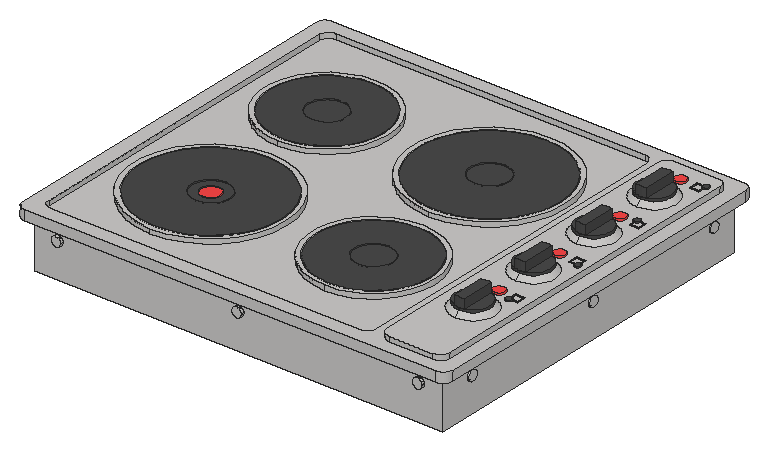
Revit family "QF_Summit_CSD4B24_Electric Cooktop", category Specialty Equipment, Revit 2020
Family settings
  Round Connector Dimension = Use Diameter
  Part Type = Normal
  Work Plane-Based = No
  Always vertical = Yes
  Cut with Voids When Loaded = No
  Shared = No
  Room Calculation Point = No
Parameters
  Weight in Pounds = 14
  Watts = Volts * FL Amps  # 5290 W
  Volts = 230 V
  URL Cutsheet = ""
  Specification by User = ""
  Specification by Manufacturer = ""
  Serial Number = ""
  Seismic Rating = ""
  SMACNA No = ""
  Revision Code = ""
  Phase = 1
  Number of Poles = 1
  NAFEM Spec ID Number = ""
  Model = "CSD4B24"
  Min Ckt Ampacity = 0 A
  Max Overcurrent Protection = 0 A
  Masterspec = ""
  Manufacturer = "Summit"
  Length = 22 3/4"
  Item Number = ""
  Installed By = ""
  Identify Quantity as Lot = yes
  Height = 4 1/4"
  HP = ""
  Furnished By = ""
  Foodservice Equipment Identifier = yes
  FL Amps = 23 A
  Electrical Remarks = ""
  Electric Connection Type = ""
  Elec Conn RI Height = 0"
  Elec Conn Connection Height = 0"
  Description = "Electric Cooktop"
  Depth = 20 3/8"
  Default Elevation = 0"
  Cycle = 60 Hz
  Conn Plug = ""
  Conn Conduit = yes
  CSI MasterFormat = ""
  Apparent Power = if(Phase = 3, Volts * FL Amps * 1.73, Volts * FL Amps)  # 5290 VA
Reference planes (in)
  plane 1 "BACK": y = 0
  plane 2: z = 0
  plane 3 "LEFT": x = 0
  plane 4 "RIGHT": x = 22.75
  plane 5 "FRONT": y = -20.375
  plane 6 "TOP": z = 4.25
  plane 7 "Center Y": x = 11.375
  plane 8 "Center X": y = -10.1875
  plane 9: z = 2.625
  plane 10: y = -0.4375
  plane 11: y = -19.9375
  plane 12: y = -0.5625
  plane 13: y = -19.8125
  plane 14: x = 0.5625
  plane 15: x = 22.1875
  plane 16: x = 0.4375
  plane 17: x = 22.3125
Forms (in)
  Extrusion 1, solid, material "QF_Metal_Stainless_Polished"
    sketch origin (-14.07532, -180, 2.875) x (0, -1, 0) y (1, 0, 0)
      loop
        circle (-173.9744, 27.68697) r 3.75
      loop
        circle (-173.9744, 19.08408) r 3
      loop
        circle (-165.65905, 19.5868) r 3.75
      loop
        circle (-165.65905, 28.20369) r 3
      loop
        circle (-165.65905, 19.5868) r 4
      loop
        circle (-165.65905, 28.20369) r 3.25
      loop
        circle (-173.9744, 27.68697) r 4
      loop
        circle (-173.9744, 19.08408) r 3.25
    from 0 to 0.25
  Extrusion 2, solid, material "QF_Plastic_Red_Smooth"
    sketch origin (-3.07532, -180, 3.375) x (0, -1, 0) y (1, 0, 0)
      loop
        circle (-178.19253, 23.42732) r 0.30105
      loop
        circle (-174.19253, 23.42732) r 0.30105
      loop
        circle (-170.19253, 23.42732) r 0.30105
      loop
        circle (-166.19253, 23.42732) r 0.30105
    from 0 to 0.0625
  Extrusion 3, solid, material "QF_Plastic_Black_Smooth"
    sketch origin (-3.07532, -180, 3.375) x (0, -1, 0) y (1, 0, 0)
      loop
        line (-177.91283, 24.14504) -> (-177.91283, 24.63236) -> (-178.23096, 24.63236)
        arc (-178.23096, 24.63236) -> (-178.51809, 24.72807) -> (-178.39569, 24.45127) r 0.16547
        line (-178.39569, 24.45127) -> (-178.39569, 24.14504) -> (-177.91283, 24.14504)
      loop
        line (-178.36444, 24.17629) -> (-177.94408, 24.17629) -> (-177.94408, 24.60111) -> (-178.23096, 24.60111)
        arc (-178.23096, 24.60111) -> (-178.27324, 24.50544) -> (-178.36444, 24.45424) r 0.16547
        line (-178.36444, 24.45424) -> (-178.36444, 24.17629)
      loop
        line (-173.91283, 24.63236) -> (-174.39569, 24.63236) -> (-174.39569, 24.32613)
        arc (-174.39569, 24.32613) -> (-174.51809, 24.04932) -> (-174.23096, 24.14504) r 0.16547
        line (-174.23096, 24.14504) -> (-173.91283, 24.14504) -> (-173.91283, 24.63236)
      loop
        line (-174.36444, 24.60111) -> (-174.36444, 24.32315)
        arc (-174.36444, 24.32315) -> (-174.27324, 24.27195) -> (-174.23096, 24.17629) r 0.16547
        line (-174.23096, 24.17629) -> (-173.94408, 24.17629) -> (-173.94408, 24.60111) -> (-174.36444, 24.60111)
      loop
        line (-170.39569, 24.14504) -> (-169.91283, 24.14504) -> (-169.91283, 24.45127)
        arc (-169.91283, 24.45127) -> (-169.79043, 24.72807) -> (-170.07756, 24.63236) r 0.16547
        line (-170.07756, 24.63236) -> (-170.39569, 24.63236) -> (-170.39569, 24.14504)
      loop
        line (-169.94408, 24.17629) -> (-169.94408, 24.45424)
        arc (-169.94408, 24.45424) -> (-170.03528, 24.50544) -> (-170.07756, 24.60111) r 0.16547
        line (-170.07756, 24.60111) -> (-170.36444, 24.60111) -> (-170.36444, 24.17629) -> (-169.94408, 24.17629)
      loop
        line (-166.39569, 24.63236) -> (-166.39569, 24.14504) -> (-166.07756, 24.14504)
        arc (-166.07756, 24.14504) -> (-165.79043, 24.04932) -> (-165.91283, 24.32613) r 0.16547
        line (-165.91283, 24.32613) -> (-165.91283, 24.63236) -> (-166.39569, 24.63236)
      loop
        line (-165.94408, 24.60111) -> (-166.36444, 24.60111) -> (-166.36444, 24.17629) -> (-166.07756, 24.17629)
        arc (-166.07756, 24.17629) -> (-166.03528, 24.27195) -> (-165.94408, 24.32315) r 0.16547
        line (-165.94408, 24.32315) -> (-165.94408, 24.60111)
    from 0 to 0.01563
  Extrusion 4, solid, material "QF_Metal_Stainless_Polished"
    sketch origin (-38.39759, -180, 2.625) x (-1, 0, 0) y (0, -1, 0)
      loop
        line (-38.96009, -179.4375) -> (-38.96009, -160.1875) -> (-60.58509, -160.1875) -> (-60.58509, -179.4375) -> (-38.96009, -179.4375)
    from 0 to -2.625
  Extrusion 5, solid, material "QF_Plastic_Black_Smooth"
    sketch origin (-14.07532, -180, 2.875) x (0, -1, 0) y (1, 0, 0)
      loop
        circle (-173.9744, 19.08408) r 3
      loop
        circle (-173.9744, 27.68697) r 3.75
      loop
        circle (-165.65905, 28.20369) r 3
      loop
        circle (-165.65905, 19.5868) r 3.75
      loop
        circle (-165.65905, 19.5868) r 1
      loop
        circle (-165.65905, 28.20369) r 1
      loop
        circle (-173.9744, 27.68697) r 1
      loop
        circle (-173.9744, 19.08408) r 1
    from 0 to 0.25
  Extrusion 6, solid, material "QF_Plastic_Black_Smooth"
    sketch origin (-14.07532, -180, 2.875) x (0, -1, 0) y (1, 0, 0)
      loop
        circle (-165.65905, 19.5868) r 1
      loop
        circle (-165.65905, 28.20369) r 1
      loop
        circle (-173.9744, 27.68697) r 1
      loop
        circle (-173.9744, 19.08408) r 1
      loop
        circle (-165.65905, 19.5868) r 0.5
    from 0 to 0.22698
  Extrusion 7, solid, material "QF_Metal_Stainless_Polished"
    sketch origin (0.5625, -0.75, 2.625) x (0, 1, 0) y (0, 0, -1)
      loop
        circle (-9.25, 0.72572) r 0.25
    from 0 to 0.125
  Extrusion 8, solid, material "QF_Metal_Stainless_Polished"
    sketch origin (0.5625, -0.75, 2.625) x (0, 1, 0) y (0, 0, -1)
      loop
        circle (-1.25, 0.72572) r 0.25
    from 0 to 0.125
  Extrusion 9, solid, material "QF_Metal_Stainless_Polished"
    sketch origin (0.5625, -0.75, 2.625) x (0, 1, 0) y (0, 0, -1)
      loop
        circle (-17.25, 0.72572) r 0.25
    from 0 to 0.125
  Extrusion 10, solid, material "QF_Metal_Stainless_Polished"
    sketch origin (22.1875, -0.5625, 2.625) x (0, -1, 0) y (0, 0, -1)
      loop
        circle (9.4375, 0.72572) r 0.25
    from 0 to 0.125
  Extrusion 11, solid, material "QF_Metal_Stainless_Polished"
    sketch origin (22.1875, -0.5625, 2.625) x (0, -1, 0) y (0, 0, -1)
      loop
        circle (1.4375, 0.72572) r 0.25
    from 0 to 0.125
  Extrusion 12, solid, material "QF_Metal_Stainless_Polished"
    sketch origin (22.1875, -0.5625, 2.625) x (0, -1, 0) y (0, 0, -1)
      loop
        circle (17.4375, 0.72572) r 0.25
    from 0 to 0.125
  Extrusion 13, solid, material "QF_Metal_Stainless_Polished"
    sketch origin (41.14135, -0.5625, 48) x (1, 0, 0) y (0, 0, 1)
      loop
        circle (-39.32885, -46.10072) r 0.25
      loop
        circle (-20.20385, -46.10072) r 0.25
      loop
        circle (-29.76635, -46.10072) r 0.25
    from 0 to -0.125
  Extrusion 14, solid, material "QF_Plastic_Red_Smooth"
    sketch origin (-14.07532, -180, 2.875) x (0, -1, 0) y (1, 0, 0)
      loop
        circle (-165.65905, 19.5868) r 0.5
    from 0 to 0.22698
  Extrusion 15, solid, material "QF_Metal_Stainless_Polished"
    sketch origin (-3.07532, -180, 2.625) x (-1, 0, 0) y (0, -1, 0)
      loop
        arc (-3.57532, -180) -> (-3.22176, -179.85355) -> (-3.07532, -179.5) r 0.5
        line (-3.07532, -179.5) -> (-3.07532, -160.125)
        arc (-3.07532, -160.125) -> (-3.22176, -159.77145) -> (-3.57532, -159.625) r 0.5
        line (-3.57532, -159.625) -> (-25.32532, -159.625)
        arc (-25.32532, -159.625) -> (-25.67887, -159.77145) -> (-25.82532, -160.125) r 0.5
        line (-25.82532, -160.125) -> (-25.82532, -179.5)
        arc (-25.82532, -179.5) -> (-25.67887, -179.85355) -> (-25.32532, -180) r 0.5
        line (-25.32532, -180) -> (-3.57532, -180)
      loop
        arc (-3.82532, -160.875) -> (-3.97176, -160.52145) -> (-4.32532, -160.375) r 0.5
        line (-4.32532, -160.375) -> (-20.68176, -160.375)
        arc (-20.68176, -160.375) -> (-21.03532, -160.52145) -> (-21.18176, -160.875) r 0.5
        line (-21.18176, -160.875) -> (-21.18176, -178.75)
        arc (-21.18176, -178.75) -> (-21.03532, -179.10355) -> (-20.68176, -179.25) r 0.5
        line (-20.68176, -179.25) -> (-4.32532, -179.25)
        arc (-4.32532, -179.25) -> (-3.97176, -179.10355) -> (-3.82532, -178.75) r 0.5
        line (-3.82532, -178.75) -> (-3.82532, -160.875)
      loop
        arc (-24.57532, -160.375) -> (-24.92887, -160.52145) -> (-25.07532, -160.875) r 0.5
        line (-25.07532, -160.875) -> (-25.07532, -178.75)
        arc (-25.07532, -178.75) -> (-24.92887, -179.10355) -> (-24.57532, -179.25) r 0.5
        line (-24.57532, -179.25) -> (-22.27844, -179.25)
        arc (-22.27844, -179.25) -> (-21.92489, -179.10355) -> (-21.77844, -178.75) r 0.5
        line (-21.77844, -178.75) -> (-21.77844, -160.875)
        arc (-21.77844, -160.875) -> (-21.92489, -160.52145) -> (-22.27844, -160.375) r 0.5
        line (-22.27844, -160.375) -> (-24.57532, -160.375)
    from 0 to 0.5
  Extrusion 16, solid, material "QF_Metal_Stainless_Polished"
    sketch origin (-3.07532, -180, 2.625) x (0, -1, 0) y (-1, 0, 0)
      loop
        line (-160.875, -21.77844) -> (-178.75, -21.77844)
        arc (-178.75, -21.77844) -> (-179.10355, -21.92489) -> (-179.25, -22.27844) r 0.5
        line (-179.25, -22.27844) -> (-179.25, -24.57532)
        arc (-179.25, -24.57532) -> (-179.10355, -24.92887) -> (-178.75, -25.07532) r 0.5
        line (-178.75, -25.07532) -> (-160.875, -25.07532)
        arc (-160.875, -25.07532) -> (-160.52145, -24.92887) -> (-160.375, -24.57532) r 0.5
        line (-160.375, -24.57532) -> (-160.375, -22.27844)
        arc (-160.375, -22.27844) -> (-160.52145, -21.92489) -> (-160.875, -21.77844) r 0.5
    from 0 to -0.75
  Extrusion 17, solid, material "QF_Plastic_Black_Smooth"
    sketch origin (-3.11438, -177.48446, 3.625) x (0, -1, 0) y (1, 0, 0)
      loop
        circle (-161.9508, 23.45743) r 0.90881
    from 0 to 0.125
  Extrusion 18, solid, material "QF_Plastic_Black_Smooth"
    sketch origin (-3.11438, -177.48446, 3.75) x (0, -1, 0) y (1, 0, 0)
      loop
        arc (-162.81756, 23.7307) -> (-162.85962, 23.45743) -> (-162.81756, 23.18416) r 0.90881
        line (-162.81756, 23.18416) -> (-161.08405, 23.18416)
        arc (-161.08405, 23.18416) -> (-161.04199, 23.45743) -> (-161.08405, 23.7307) r 0.90881
        line (-161.08405, 23.7307) -> (-162.81756, 23.7307)
    from 0 to 0.5
  Blend 19, solid, material "QF_Metal_Stainless_Polished"
    base sketch origin (-3.11438, -177.48446, 3.375) x (0, -1, 0) y (1, 0, 0)
      loop
        circle (-161.9508, 23.45743) r 1.14914
    top sketch origin (-3.11438, -177.48446, 3.375) x (0, -1, 0) y (1, 0, 0)
      loop
        circle (-161.9508, 23.45743) r 0.90881
    from 0 to 0.25
  Extrusion 20, solid, material "QF_Metal_Stainless_Polished"
    sketch origin (-14.07532, -180, 2.625) x (0, -1, 0) y (-1, 0, 0)
      loop
        arc (-178.75, -14.82532) -> (-179.10355, -14.97176) -> (-179.25, -15.32532) r 0.5
        line (-179.25, -15.32532) -> (-179.25, -31.68176)
        arc (-179.25, -31.68176) -> (-179.10355, -32.03532) -> (-178.75, -32.18176) r 0.5
        line (-178.75, -32.18176) -> (-160.875, -32.18176)
        arc (-160.875, -32.18176) -> (-160.52145, -32.03532) -> (-160.375, -31.68176) r 0.5
        line (-160.375, -31.68176) -> (-160.375, -15.32532)
        arc (-160.375, -15.32532) -> (-160.52145, -14.97176) -> (-160.875, -14.82532) r 0.5
        line (-160.875, -14.82532) -> (-178.75, -14.82532)
    from 0 to -0.25
  Extrusion 21, solid, material "QF_Plastic_Black_Smooth"
    sketch origin (-3.11438, -173.48446, 3.625) x (0, -1, 0) y (1, 0, 0)
      loop
        circle (-161.9508, 23.45743) r 0.90881
    from 0 to 0.125
  Extrusion 22, solid, material "QF_Plastic_Black_Smooth"
    sketch origin (-3.11438, -173.48446, 3.75) x (0, -1, 0) y (1, 0, 0)
      loop
        arc (-162.81756, 23.7307) -> (-162.85962, 23.45743) -> (-162.81756, 23.18416) r 0.90881
        line (-162.81756, 23.18416) -> (-161.08405, 23.18416)
        arc (-161.08405, 23.18416) -> (-161.04199, 23.45743) -> (-161.08405, 23.7307) r 0.90881
        line (-161.08405, 23.7307) -> (-162.81756, 23.7307)
    from 0 to 0.5
  Blend 23, solid, material "QF_Metal_Stainless_Polished"
    base sketch origin (-3.11438, -173.48446, 3.375) x (0, -1, 0) y (1, 0, 0)
      loop
        circle (-161.9508, 23.45743) r 1.14914
    top sketch origin (-3.11438, -173.48446, 3.375) x (0, -1, 0) y (1, 0, 0)
      loop
        circle (-161.9508, 23.45743) r 0.90881
    from 0 to 0.25
  Extrusion 24, solid, material "QF_Plastic_Black_Smooth"
    sketch origin (-3.11438, -169.48446, 3.625) x (0, -1, 0) y (1, 0, 0)
      loop
        circle (-161.9508, 23.45743) r 0.90881
    from 0 to 0.125
  Extrusion 25, solid, material "QF_Plastic_Black_Smooth"
    sketch origin (-3.11438, -169.48446, 3.75) x (0, -1, 0) y (1, 0, 0)
      loop
        arc (-162.81756, 23.7307) -> (-162.85962, 23.45743) -> (-162.81756, 23.18416) r 0.90881
        line (-162.81756, 23.18416) -> (-161.08405, 23.18416)
        arc (-161.08405, 23.18416) -> (-161.04199, 23.45743) -> (-161.08405, 23.7307) r 0.90881
        line (-161.08405, 23.7307) -> (-162.81756, 23.7307)
    from 0 to 0.5
  Blend 26, solid, material "QF_Metal_Stainless_Polished"
    base sketch origin (-3.11438, -169.48446, 3.375) x (0, -1, 0) y (1, 0, 0)
      loop
        circle (-161.9508, 23.45743) r 1.14914
    top sketch origin (-3.11438, -169.48446, 3.375) x (0, -1, 0) y (1, 0, 0)
      loop
        circle (-161.9508, 23.45743) r 0.90881
    from 0 to 0.25
  Extrusion 27, solid, material "QF_Plastic_Black_Smooth"
    sketch origin (-3.11438, -165.48446, 3.625) x (0, -1, 0) y (1, 0, 0)
      loop
        circle (-161.9508, 23.45743) r 0.90881
    from 0 to 0.125
  Extrusion 28, solid, material "QF_Plastic_Black_Smooth"
    sketch origin (-3.11438, -165.48446, 3.75) x (0, -1, 0) y (1, 0, 0)
      loop
        arc (-162.81756, 23.7307) -> (-162.85962, 23.45743) -> (-162.81756, 23.18416) r 0.90881
        line (-162.81756, 23.18416) -> (-161.08405, 23.18416)
        arc (-161.08405, 23.18416) -> (-161.04199, 23.45743) -> (-161.08405, 23.7307) r 0.90881
        line (-161.08405, 23.7307) -> (-162.81756, 23.7307)
    from 0 to 0.5
  Blend 29, solid, material "QF_Metal_Stainless_Polished"
    base sketch origin (-3.11438, -165.48446, 3.375) x (0, -1, 0) y (1, 0, 0)
      loop
        circle (-161.9508, 23.45743) r 1.14914
    top sketch origin (-3.11438, -165.48446, 3.375) x (0, -1, 0) y (1, 0, 0)
      loop
        circle (-161.9508, 23.45743) r 0.90881
    from 0 to 0.25
  Extrusion 30, solid, material "QF_Metal_Stainless_Polished"
    sketch origin (-38.39759, -180, 0) x (0, -1, 0) y (-1, 0, 0)
      loop
        circle (-177.99947, -39.91098) r 0.25
    from 0 to 0.125
  Extrusion 31, solid, material "QF_Metal_Stainless_Polished"
    sketch origin (41.14135, -19.8125, 48) x (1, 0, 0) y (0, 0, -1)
      loop
        circle (-39.32885, 46.10072) r 0.25
      loop
        circle (-20.20385, 46.10072) r 0.25
      loop
        circle (-29.76635, 46.10072) r 0.25
    from 0 to -0.125
Lines and regions (in)
  symbolic lines
    curve 1: arc (0.5, 0, 4.375) -> (0.14645, -0.14645, 4.375) -> (0, -0.5, 4.375) r 0.5
    curve 2: line (0, -0.5, 4.375) -> (0, -19.875, 4.375)
    curve 3: arc (0, -19.875, 4.375) -> (0.14645, -20.22855, 4.375) -> (0.5, -20.375, 4.375) r 0.5
    curve 4: line (0.5, -20.375, 4.375) -> (22.25, -20.375, 4.375)
    curve 5: arc (22.25, -20.375, 4.375) -> (22.60355, -20.22855, 4.375) -> (22.75, -19.875, 4.375) r 0.5
    curve 6: line (22.75, -19.875, 4.375) -> (22.75, -0.5, 4.375)
    curve 7: arc (22.75, -0.5, 4.375) -> (22.60355, -0.14645, 4.375) -> (22.25, 0, 4.375) r 0.5
    curve 8: line (22.25, 0, 4.375) -> (0.5, 0, 4.375)
    curve 9: arc (0.75, -1.25, 4.375) -> (0.89645, -0.89645, 4.375) -> (1.25, -0.75, 4.375) r 0.5
    curve 10: line (1.25, -0.75, 4.375) -> (17.60645, -0.75, 4.375)
    curve 11: arc (17.60645, -0.75, 4.375) -> (17.96, -0.89645, 4.375) -> (18.10645, -1.25, 4.375) r 0.5
    curve 12: line (18.10645, -1.25, 4.375) -> (18.10645, -19.125, 4.375)
    curve 13: arc (18.10645, -19.125, 4.375) -> (17.96, -19.47855, 4.375) -> (17.60645, -19.625, 4.375) r 0.5
    curve 14: line (17.60645, -19.625, 4.375) -> (1.25, -19.625, 4.375)
    curve 15: arc (1.25, -19.625, 4.375) -> (0.89645, -19.47855, 4.375) -> (0.75, -19.125, 4.375) r 0.5
    curve 16: line (0.75, -19.125, 4.375) -> (0.75, -1.25, 4.375)
    curve 17: arc (19.20312, -0.75, 4.375) -> (18.84957, -0.89645, 4.375) -> (18.70312, -1.25, 4.375) r 0.5
    curve 18: line (18.70312, -1.25, 4.375) -> (18.70312, -19.125, 4.375)
    curve 19: arc (18.70312, -19.125, 4.375) -> (18.84957, -19.47855, 4.375) -> (19.20312, -19.625, 4.375) r 0.5
    curve 20: line (19.20312, -19.625, 4.375) -> (21.5, -19.625, 4.375)
    curve 21: arc (21.5, -19.625, 4.375) -> (21.85355, -19.47855, 4.375) -> (22, -19.125, 4.375) r 0.5
    curve 22: line (22, -19.125, 4.375) -> (22, -1.25, 4.375)
    curve 23: arc (22, -1.25, 4.375) -> (21.85355, -0.89645, 4.375) -> (21.5, -0.75, 4.375) r 0.5
    curve 24: line (21.5, -0.75, 4.375) -> (19.20312, -0.75, 4.375)
    curve 25: arc (13.61165, -2.0256, 4.375) -> (9.61165, -6.0256, 4.375) -> (13.61165, -10.0256, 4.375) r 4
    curve 26: arc (13.61165, -10.0256, 4.375) -> (17.61165, -6.0256, 4.375) -> (13.61165, -2.0256, 4.375) r 4
    curve 27: arc (13.61165, -2.2756, 4.375) -> (17.36165, -6.0256, 4.375) -> (13.61165, -9.7756, 4.375) r 3.75
    curve 28: arc (13.61165, -9.7756, 4.375) -> (9.86165, -6.0256, 4.375) -> (13.61165, -2.2756, 4.375) r 3.75
    curve 29: arc (13.61165, -7.0256, 4.375) -> (14.61165, -6.0256, 4.375) -> (13.61165, -5.0256, 4.375) r 1
    curve 30: arc (13.61165, -5.0256, 4.375) -> (12.61165, -6.0256, 4.375) -> (13.61165, -7.0256, 4.375) r 1
    curve 31: arc (5.00876, -9.0256, 4.375) -> (8.00876, -6.0256, 4.375) -> (5.00876, -3.0256, 4.375) r 3
    curve 32: arc (5.00876, -3.0256, 4.375) -> (2.00876, -6.0256, 4.375) -> (5.00876, -9.0256, 4.375) r 3
    curve 33: arc (5.00876, -9.2756, 4.375) -> (8.25876, -6.0256, 4.375) -> (5.00876, -2.7756, 4.375) r 3.25
    curve 34: arc (5.00876, -2.7756, 4.375) -> (1.75876, -6.0256, 4.375) -> (5.00876, -9.2756, 4.375) r 3.25
    curve 35: arc (5.00876, -7.0256, 4.375) -> (6.00876, -6.0256, 4.375) -> (5.00876, -5.0256, 4.375) r 1
    curve 36: arc (5.00876, -5.0256, 4.375) -> (4.00876, -6.0256, 4.375) -> (5.00876, -7.0256, 4.375) r 1
    curve 37: arc (5.51148, -18.09095, 4.375) -> (9.26148, -14.34095, 4.375) -> (5.51148, -10.59095, 4.375) r 3.75
    curve 38: arc (5.51148, -10.59095, 4.375) -> (1.76148, -14.34095, 4.375) -> (5.51148, -18.09095, 4.375) r 3.75
    curve 39: arc (5.51148, -18.34095, 4.375) -> (9.51148, -14.34095, 4.375) -> (5.51148, -10.34095, 4.375) r 4
    curve 40: arc (5.51148, -10.34095, 4.375) -> (1.51148, -14.34095, 4.375) -> (5.51148, -18.34095, 4.375) r 4
    curve 41: arc (5.51148, -15.34095, 4.375) -> (6.51148, -14.34095, 4.375) -> (5.51148, -13.34095, 4.375) r 1
    curve 42: arc (5.51148, -13.34095, 4.375) -> (4.51148, -14.34095, 4.375) -> (5.51148, -15.34095, 4.375) r 1
    curve 43: arc (5.51148, -14.84095, 4.375) -> (6.01148, -14.34095, 4.375) -> (5.51148, -13.84095, 4.375) r 0.5
    curve 44: arc (5.51148, -13.84095, 4.375) -> (5.01148, -14.34095, 4.375) -> (5.51148, -14.84095, 4.375) r 0.5
    curve 45: arc (14.12837, -13.34095, 4.375) -> (13.12837, -14.34095, 4.375) -> (14.12837, -15.34095, 4.375) r 1
    curve 46: arc (14.12837, -15.34095, 4.375) -> (15.12837, -14.34095, 4.375) -> (14.12837, -13.34095, 4.375) r 1
    curve 47: arc (14.12837, -11.34095, 4.375) -> (11.12837, -14.34095, 4.375) -> (14.12837, -17.34095, 4.375) r 3
    curve 48: arc (14.12837, -17.34095, 4.375) -> (17.12837, -14.34095, 4.375) -> (14.12837, -11.34095, 4.375) r 3
    curve 49: arc (14.12837, -11.09095, 4.375) -> (10.87837, -14.34095, 4.375) -> (14.12837, -17.59095, 4.375) r 3.25
    curve 50: arc (14.12837, -17.59095, 4.375) -> (17.37837, -14.34095, 4.375) -> (14.12837, -11.09095, 4.375) r 3.25
    curve 51: arc (20.34305, -16.68279, 4.375) -> (19.19391, -15.53365, 4.375) -> (20.34305, -14.38452, 4.375) r 1.14914
    curve 52: arc (20.34305, -14.38452, 4.375) -> (21.49219, -15.53365, 4.375) -> (20.34305, -16.68279, 4.375) r 1.14914
    curve 53: arc (20.34305, -16.44246, 4.375) -> (21.25186, -15.53365, 4.375) -> (20.34305, -14.62484, 4.375) r 0.90881
    curve 54: arc (20.34305, -14.62484, 4.375) -> (19.43424, -15.53365, 4.375) -> (20.34305, -16.44246, 4.375) r 0.90881
    curve 55: line (20.06978, -14.6669, 4.375) -> (20.06978, -16.40041, 4.375)
    curve 56: line (20.61632, -16.40041, 4.375) -> (20.61632, -14.6669, 4.375)
    curve 57: arc (20.352, -14.10852, 4.375) -> (20.65305, -13.80747, 4.375) -> (20.352, -13.50642, 4.375) r 0.30105
    curve 58: arc (20.352, -13.50642, 4.375) -> (20.05095, -13.80747, 4.375) -> (20.352, -14.10852, 4.375) r 0.30105
    curve 59: line (21.25081, -14.08717, 4.375) -> (21.55704, -14.08717, 4.375)
    curve 60: line (21.55704, -14.08717, 4.375) -> (21.55704, -13.60431, 4.375)
    curve 61: line (21.55704, -13.60431, 4.375) -> (21.06972, -13.60431, 4.375)
    curve 62: line (21.06972, -13.60431, 4.375) -> (21.06972, -13.92244, 4.375)
    curve 63: arc (21.06972, -13.92244, 4.375) -> (20.974, -14.20957, 4.375) -> (21.25081, -14.08717, 4.375) r 0.16547
    curve 64: line (21.52579, -14.05592, 4.375) -> (21.24783, -14.05592, 4.375)
    curve 65: arc (21.24783, -14.05592, 4.375) -> (21.19663, -13.96472, 4.375) -> (21.10097, -13.92244, 4.375) r 0.16547
    curve 66: line (21.10097, -13.92244, 4.375) -> (21.10097, -13.63556, 4.375)
    curve 67: line (21.10097, -13.63556, 4.375) -> (21.52579, -13.63556, 4.375)
    curve 68: line (21.52579, -13.63556, 4.375) -> (21.52579, -14.05592, 4.375)
    curve 69: arc (20.34305, -10.38452, 4.375) -> (21.49219, -11.53365, 4.375) -> (20.34305, -12.68279, 4.375) r 1.14914
    curve 70: arc (20.34305, -12.44246, 4.375) -> (21.25186, -11.53365, 4.375) -> (20.34305, -10.62484, 4.375) r 0.90881
    curve 71: line (20.61632, -12.40041, 4.375) -> (20.61632, -10.6669, 4.375)
    curve 72: line (20.06978, -10.6669, 4.375) -> (20.06978, -12.40041, 4.375)
    curve 73: arc (20.34305, -10.62484, 4.375) -> (19.43424, -11.53365, 4.375) -> (20.34305, -12.44246, 4.375) r 0.90881
    curve 74: arc (20.34305, -12.68279, 4.375) -> (19.19391, -11.53365, 4.375) -> (20.34305, -10.38452, 4.375) r 1.14914
    curve 75: arc (20.352, -10.10852, 4.375) -> (20.65305, -9.80747, 4.375) -> (20.352, -9.50642, 4.375) r 0.30105
    curve 76: arc (20.352, -9.50642, 4.375) -> (20.05095, -9.80747, 4.375) -> (20.352, -10.10852, 4.375) r 0.30105
    curve 77: arc (21.37595, -10.08717, 4.375) -> (21.65276, -10.20957, 4.375) -> (21.55704, -9.92244, 4.375) r 0.16547
    curve 78: line (21.55704, -9.92244, 4.375) -> (21.55704, -9.60431, 4.375)
    curve 79: line (21.55704, -9.60431, 4.375) -> (21.06972, -9.60431, 4.375)
    curve 80: line (21.06972, -9.60431, 4.375) -> (21.06972, -10.08717, 4.375)
    curve 81: line (21.06972, -10.08717, 4.375) -> (21.37595, -10.08717, 4.375)
    curve 82: line (21.10097, -10.05592, 4.375) -> (21.10097, -9.63556, 4.375)
    curve 83: line (21.10097, -9.63556, 4.375) -> (21.52579, -9.63556, 4.375)
    curve 84: line (21.52579, -9.63556, 4.375) -> (21.52579, -9.92244, 4.375)
    curve 85: arc (21.52579, -9.92244, 4.375) -> (21.43013, -9.96472, 4.375) -> (21.37893, -10.05592, 4.375) r 0.16547
    curve 86: line (21.37893, -10.05592, 4.375) -> (21.10097, -10.05592, 4.375)
    curve 87: arc (20.34305, -6.38452, 4.375) -> (21.49219, -7.53365, 4.375) -> (20.34305, -8.68279, 4.375) r 1.14914
    curve 88: arc (20.34305, -8.44246, 4.375) -> (21.25186, -7.53365, 4.375) -> (20.34305, -6.62484, 4.375) r 0.90881
    curve 89: arc (20.34305, -8.68279, 4.375) -> (19.19391, -7.53365, 4.375) -> (20.34305, -6.38452, 4.375) r 1.14914
    curve 90: arc (20.34305, -6.62484, 4.375) -> (19.43424, -7.53365, 4.375) -> (20.34305, -8.44246, 4.375) r 0.90881
    curve 91: line (20.06978, -6.6669, 4.375) -> (20.06978, -8.40041, 4.375)
    curve 92: line (20.61632, -8.40041, 4.375) -> (20.61632, -6.6669, 4.375)
    curve 93: arc (20.352, -6.10852, 4.375) -> (20.65305, -5.80747, 4.375) -> (20.352, -5.50642, 4.375) r 0.30105
    curve 94: arc (20.352, -5.50642, 4.375) -> (20.05095, -5.80747, 4.375) -> (20.352, -6.10852, 4.375) r 0.30105
    curve 95: line (21.06972, -6.08717, 4.375) -> (21.55704, -6.08717, 4.375)
    curve 96: line (21.55704, -6.08717, 4.375) -> (21.55704, -5.60431, 4.375)
    curve 97: line (21.55704, -5.60431, 4.375) -> (21.25081, -5.60431, 4.375)
    curve 98: arc (21.25081, -5.60431, 4.375) -> (20.974, -5.48191, 4.375) -> (21.06972, -5.76904, 4.375) r 0.16547
    curve 99: line (21.06972, -5.76904, 4.375) -> (21.06972, -6.08717, 4.375)
    curve 100: arc (21.10097, -5.76904, 4.375) -> (21.19663, -5.72676, 4.375) -> (21.24783, -5.63556, 4.375) r 0.16547
    curve 101: line (21.24783, -5.63556, 4.375) -> (21.52579, -5.63556, 4.375)
    curve 102: line (21.52579, -5.63556, 4.375) -> (21.52579, -6.05592, 4.375)
    curve 103: line (21.52579, -6.05592, 4.375) -> (21.10097, -6.05592, 4.375)
    curve 104: line (21.10097, -6.05592, 4.375) -> (21.10097, -5.76904, 4.375)
    curve 105: arc (20.34305, -2.38452, 4.375) -> (21.49219, -3.53365, 4.375) -> (20.34305, -4.68279, 4.375) r 1.14914
    curve 106: arc (20.34305, -4.68279, 4.375) -> (19.19391, -3.53365, 4.375) -> (20.34305, -2.38452, 4.375) r 1.14914
    curve 107: arc (20.352, -1.50642, 4.375) -> (20.05095, -1.80747, 4.375) -> (20.352, -2.10852, 4.375) r 0.30105
    curve 108: arc (20.352, -2.10852, 4.375) -> (20.65305, -1.80747, 4.375) -> (20.352, -1.50642, 4.375) r 0.30105
    curve 109: arc (20.34305, -2.62484, 4.375) -> (19.43424, -3.53365, 4.375) -> (20.34305, -4.44246, 4.375) r 0.90881
    curve 110: line (20.06978, -2.6669, 4.375) -> (20.06978, -4.40041, 4.375)
    curve 111: line (20.61632, -4.40041, 4.375) -> (20.61632, -2.6669, 4.375)
    curve 112: arc (20.34305, -4.44246, 4.375) -> (21.25186, -3.53365, 4.375) -> (20.34305, -2.62484, 4.375) r 0.90881
    curve 113: line (21.06972, -2.08717, 4.375) -> (21.55704, -2.08717, 4.375)
    curve 114: line (21.55704, -2.08717, 4.375) -> (21.55704, -1.76904, 4.375)
    curve 115: arc (21.55704, -1.76904, 4.375) -> (21.65276, -1.48191, 4.375) -> (21.37595, -1.60431, 4.375) r 0.16547
    curve 116: line (21.37595, -1.60431, 4.375) -> (21.06972, -1.60431, 4.375)
    curve 117: line (21.06972, -1.60431, 4.375) -> (21.06972, -2.08717, 4.375)
    curve 118: line (21.52579, -2.05592, 4.375) -> (21.10097, -2.05592, 4.375)
    curve 119: line (21.10097, -2.05592, 4.375) -> (21.10097, -1.63556, 4.375)
    curve 120: line (21.10097, -1.63556, 4.375) -> (21.37893, -1.63556, 4.375)
    curve 121: arc (21.37893, -1.63556, 4.375) -> (21.43013, -1.72676, 4.375) -> (21.52579, -1.76904, 4.375) r 0.16547
    curve 122: line (21.52579, -1.76904, 4.375) -> (21.52579, -2.05592, 4.375)
Dimensions and locks (in)
  equal spacing: plane 3 "LEFT", plane 7 "Center Y", plane 4 "RIGHT"
  "Length": plane 3 "LEFT" to plane 4 "RIGHT"
  equal spacing: plane 5 "FRONT", plane 8 "Center X", plane 1 "BACK"
  "Depth": plane 5 "FRONT" to plane 1 "BACK"
  "Height": plane 6 "TOP" to level
  plane 4 "RIGHT" to plane 3 "LEFT" = 22 3/4"
  plane 9 to plane 2 = 2 5/8"
  plane 6 "TOP" to plane 9 = 1 5/8"
  plane 11 to plane 10 = 19 1/2"
  plane 13 to plane 12 = 19 1/4"
  plane 14 to plane 15 = 21 5/8"  (x2)
  plane 16 to plane 17 = 21 7/8"  (x2)
  aligned and locked: level to plane 2
Automatic sketch dimensions
  Extrusion 1 sketch curve to Extrusion 1 sketch curve = 0"  (x8)
  Extrusion 1 sketch curve to Extrusion 20 = 5.2756"  (x2)
  Extrusion 1 sketch curve to Extrusion 20 = 5.28405"  (x2)
  Extrusion 1 sketch curve to Extrusion 20 = 4.25876"
  Extrusion 1 sketch curve to Extrusion 20 = 4.76148"
  Extrusion 1 sketch curve to Extrusion 20 = 4.49479"
  Extrusion 1 sketch curve to Extrusion 20 = 3.97808"
  Extrusion 2 sketch curve to Extrusion 16 = 1.05747"
  Extrusion 2 sketch curve to Extrusion 16 = 1.648"  (x4)
  Extrusion 2 sketch curve to Extrusion 2 sketch curve = 4"  (x3)
  Extrusion 3 sketch curve to Extrusion 3 sketch curve = 0"  (x12)
  Extrusion 3 sketch curve to Extrusion 16 = 0.85431"
  Extrusion 3 sketch curve to Extrusion 3 sketch curve = 1/32"  (x14)
  Extrusion 3 sketch curve to Extrusion 3 sketch curve = 0.16473"  (x2)
  Extrusion 3 sketch curve to Extrusion 3 sketch curve = 0.42036"  (x4)
  Extrusion 3 sketch curve to Extrusion 16 = 0.74919"
  Extrusion 3 sketch curve to Extrusion 3 sketch curve = 3.51714"  (x3)
  Extrusion 3 sketch curve to Extrusion 16 = 0.93028"  (x2)
  Extrusion 3 sketch curve to Extrusion 3 sketch curve = 0.28688"  (x2)
  Extrusion 3 sketch curve to Extrusion 16 = 0.44296"
  Extrusion 3 sketch curve to Extrusion 3 sketch curve = 0.48732"
  Extrusion 3 sketch curve to Extrusion 3 sketch curve = 0.18109"
  Extrusion 3 sketch curve to Extrusion 3 sketch curve = 1/64"
  Extrusion 3 sketch curve to Extrusion 3 sketch curve = 0.27498"  (x2)
  Extrusion 3 sketch curve to Extrusion 3 sketch curve = 0.00298"  (x2)
  Extrusion 3 sketch curve to Extrusion 3 sketch curve = 0.42482"
  Extrusion 3 sketch curve to Extrusion 3 sketch curve = 0.14686"  (x2)
  plane 12 to Extrusion 4 sketch curve = 0"
  Extrusion 4 sketch curve to plane 15 = 0"
  Extrusion 4 sketch curve to plane 13 = 0"
  Extrusion 4 sketch curve to plane 14 = 0"
  Extrusion 5 sketch curve to Extrusion 5 sketch curve = 0"  (x24)
  Extrusion 5 sketch curve to Extrusion 20 = 5.2756"  (x2)
  Extrusion 5 sketch curve to Extrusion 20 = 5.28405"  (x2)
  Extrusion 5 sketch curve to Extrusion 20 = 4.25876"
  Extrusion 5 sketch curve to Extrusion 20 = 4.76148"
  Extrusion 5 sketch curve to Extrusion 20 = 4.49479"
  Extrusion 5 sketch curve to Extrusion 20 = 3.97808"
  Extrusion 5 sketch curve to Extrusion 20 = 2.2756"
  Extrusion 5 sketch curve to Extrusion 20 = 1.5256"
  Extrusion 5 sketch curve to Extrusion 5 sketch curve = 1.56535"  (x2)
  Extrusion 6 sketch curve to Extrusion 6 sketch curve = 0"  (x12)
  Extrusion 6 sketch curve to Extrusion 20 = 5.2756"  (x2)
  Extrusion 6 sketch curve to Extrusion 20 = 5.28405"  (x2)
  Extrusion 6 sketch curve to Extrusion 20 = 4.25876"
  Extrusion 6 sketch curve to Extrusion 20 = 4.76148"
  Extrusion 6 sketch curve to Extrusion 20 = 4.49479"
  Extrusion 6 sketch curve to Extrusion 20 = 3.97808"
  Extrusion 6 sketch curve to Extrusion 6 sketch curve = 1"  (x4)
  Extrusion 4 to Extrusion 7 sketch curve = 0.72572"
  Extrusion 4 to Extrusion 7 sketch curve = 9 7/16"
  Extrusion 4 to Extrusion 8 sketch curve = 1 7/16"
  Extrusion 4 to Extrusion 8 sketch curve = 0.72572"
  Extrusion 4 to Extrusion 9 sketch curve = 0.72572"
  Extrusion 9 sketch curve to Extrusion 4 = 1 13/16"
  Extrusion 4 to Extrusion 10 sketch curve = 0.72572"
  Extrusion 4 to Extrusion 10 sketch curve = 9 7/16"
  Extrusion 4 to Extrusion 11 sketch curve = 1 7/16"
  Extrusion 4 to Extrusion 11 sketch curve = 0.72572"
  Extrusion 4 to Extrusion 12 sketch curve = 0.72572"
  Extrusion 4 to Extrusion 12 sketch curve = 1 13/16"
  Extrusion 13 sketch curve to plane 7 "Center Y" = 0"
  Extrusion 13 sketch curve to plane 14 = 1 1/4"
  Extrusion 13 sketch curve to plane 15 = 1 1/4"
  Extrusion 13 sketch curve to plane 9 = 0.72572"  (x3)
  Extrusion 14 sketch curve to Extrusion 14 sketch curve = 0"  (x2)
  Extrusion 14 sketch curve to Extrusion 20 = 5.28405"
  Extrusion 14 sketch curve to Extrusion 20 = 4.76148"
  Extrusion 14 sketch curve to Extrusion 14 sketch curve = 1/2"
  Extrusion 15 sketch curve to plane 4 "RIGHT" = 0"
  plane 5 "FRONT" to Extrusion 15 sketch curve = 0"
  plane 1 "BACK" to Extrusion 15 sketch curve = 0"
  Extrusion 15 sketch curve to plane 3 "LEFT" = 0"
  plane 15 to Extrusion 15 sketch curve = 1/16"
  plane 10 to Extrusion 15 sketch curve = 1/16"  (x2)
  Extrusion 15 sketch curve to plane 15 = 3/16"
  Extrusion 15 sketch curve to Extrusion 15 sketch curve = 1/2"  (x5)
  plane 12 to Extrusion 15 sketch curve = 3/16"  (x2)
  Extrusion 15 sketch curve to Extrusion 15 sketch curve = 2 19/64"  (x2)
  plane 13 to Extrusion 15 sketch curve = 11/16"  (x2)
  Extrusion 15 sketch curve to Extrusion 15 sketch curve = 0.59668"
  Extrusion 15 sketch curve to plane 14 = 11/16"  (x2)
  Extrusion 15 sketch curve to plane 14 = 3/16"
  plane 14 to Extrusion 15 sketch curve = 1/16"
  Extrusion 16 sketch curve to Extrusion 15 = 1/2"  (x2)
  Extrusion 18 sketch curve to Extrusion 18 sketch curve = 0.86675"
  Extrusion 18 sketch curve to Extrusion 18 sketch curve = 0"
  Blend 19 sketch curve to Extrusion 16 = 1.63993"  (x2)
  Blend 19 sketch curve to Extrusion 16 = 4.09135"  (x2)
  Extrusion 20 sketch curve to Extrusion 20 sketch curve = 1/2"
  Extrusion 20 sketch curve to Extrusion 15 = 1/2"
  Extrusion 22 sketch curve to Extrusion 22 sketch curve = 0.86675"
  Extrusion 22 sketch curve to Extrusion 22 sketch curve = 0"
  Blend 23 sketch curve to Extrusion 16 = 1.63993"  (x2)
  Blend 23 sketch curve to Extrusion 16 = 8.09135"  (x2)
  Extrusion 25 sketch curve to Extrusion 25 sketch curve = 0.86675"
  Extrusion 25 sketch curve to Extrusion 25 sketch curve = 0"
  Blend 26 sketch curve to Extrusion 16 = 1.63993"  (x2)
  Blend 26 sketch curve to Extrusion 16 = 6.78365"  (x2)
  Extrusion 28 sketch curve to Extrusion 28 sketch curve = 0.86675"
  Extrusion 28 sketch curve to Extrusion 28 sketch curve = 0"
  Blend 29 sketch curve to Extrusion 16 = 2.78365"  (x2)
  Blend 29 sketch curve to Extrusion 16 = 1.63993"  (x2)
  Extrusion 4 to Extrusion 30 sketch curve = 1.43803"
  Extrusion 4 to Extrusion 30 sketch curve = 0.95088"
  Extrusion 31 sketch curve to plane 7 "Center Y" = 0"
  Extrusion 31 sketch curve to plane 14 = 1 1/4"
  Extrusion 31 sketch curve to plane 15 = 1 1/4"
  Extrusion 31 sketch curve to plane 9 = 0.72572"  (x3)
  curve 6 to plane 4 "RIGHT" = 0"
  plane 1 "BACK" to curve 7 = 0"
  plane 5 "FRONT" to curve 5 = 0"
  curve 2 to plane 3 "LEFT" = 0"
  plane 15 to curve 8 = 1/16"
  plane 11 to curve 5 = 1/16"
  plane 14 to curve 4 = 1/16"
  plane 10 to curve 1 = 1/16"
  plane 13 to curve 12 = 11/16"
  curve 12 to plane 15 = 4.08105"
  plane 13 to curve 14 = 3/16"
  curve 11 to curve 11 = 1/2"
  curve 14 to plane 14 = 11/16"
  plane 12 to curve 10 = 3/16"
  curve 10 to plane 14 = 11/16"
  curve 16 to plane 14 = 3/16"
  curve 22 to plane 15 = 3/16"
  curve 23 to curve 23 = 1/2"
  plane 13 to curve 20 = 3/16"
  curve 20 to plane 15 = 11/16"
  plane 12 to curve 24 = 3/16"
  curve 24 to curve 11 = 1.09668"
  curve 20 to curve 13 = 1.09668"
  curve 17 to curve 18 = 1/2"
  plane 7 "Center Y" to curve 25 = 2.23665"
  plane 8 "Center X" to curve 26 = 4.1619"
  plane 12 to curve 25 = 1.4631"
  curve 25 to curve 27 = 0"  (x2)
  curve 25 to curve 27 = 1/4"
  curve 25 to curve 29 = 0"  (x2)
  curve 30 to curve 29 = 1"
  curve 31 to plane 14 = 4.44626"
  plane 8 "Center X" to curve 31 = 4.1619"
  plane 12 to curve 31 = 2.4631"
  curve 31 to curve 33 = 0"  (x2)
  curve 34 to curve 31 = 1/4"
  curve 31 to curve 35 = 0"  (x2)
  curve 35 to curve 35 = 1"
  curve 37 to plane 14 = 4.94898"
  curve 38 to plane 8 "Center X" = 4.15345"
  curve 38 to plane 8 "Center X" = 0.40345"
  curve 37 to curve 39 = 0"  (x2)
  curve 39 to plane 8 "Center X" = 0.15345"
  curve 37 to curve 41 = 0"  (x2)
  curve 42 to curve 37 = 1"
  curve 37 to curve 43 = 0"  (x2)
  curve 43 to curve 37 = 1/2"
  plane 7 "Center Y" to curve 46 = 2.75337"
  curve 46 to plane 8 "Center X" = 4.15345"
  curve 46 to curve 45 = 1"
  curve 45 to curve 47 = 0"  (x2)
  curve 47 to plane 8 "Center X" = 1.15345"
  curve 45 to curve 49 = 0"  (x2)
  curve 49 to curve 47 = 1/4"
  curve 51 to plane 15 = 1.84445"
  curve 52 to curve 19 = 3.59135"
  curve 52 to curve 51 = 1.14914"
  curve 51 to curve 53 = 0"  (x2)
  curve 51 to curve 54 = 0.24033"
  curve 54 to curve 55 = 0.27327"
  curve 56 to curve 53 = 0.27327"
  curve 57 to curve 51 = 0.00895"
  curve 58 to curve 51 = 0.57705"
  curve 57 to curve 57 = 0.30105"
  curve 60 to plane 15 = 0.63046"
  curve 60 to curve 59 = 0.30623"
  curve 63 to curve 63 = 0.16547"
  curve 63 to curve 62 = 1/64"
  curve 57 to curve 61 = 0.0979"
  curve 61 to curve 62 = 0.31813"
  curve 63 to curve 65 = 0"  (x2)
  curve 60 to curve 68 = 1/32"  (x2)
  curve 63 to curve 64 = 0.00298"
  curve 67 to curve 61 = 1/32"
  curve 62 to curve 66 = 0"
  curve 69 to curve 70 = 0"  (x2)
  curve 70 to plane 15 = 1.84445"
  curve 70 to plane 8 "Center X" = 1.34615"
  curve 71 to curve 70 = 0.27327"
  curve 69 to plane 8 "Center X" = 0.19702"
  curve 69 to curve 70 = 0.24033"
  curve 70 to curve 72 = 0.27327"
  curve 75 to curve 69 = 0.00895"
  plane 8 "Center X" to curve 75 = 0.38003"
  curve 75 to curve 75 = 0.30105"
  curve 79 to plane 15 = 0.63046"
  curve 78 to curve 77 = 1/64"
  plane 8 "Center X" to curve 81 = 0.10033"
  curve 77 to curve 81 = 0.16547"
  curve 81 to curve 80 = 0.30623"
  curve 79 to curve 80 = 0.48286"
  curve 77 to curve 85 = 0"  (x2)
  curve 78 to curve 83 = 1/32"
  curve 86 to curve 81 = 0.00298"
  curve 86 to curve 80 = 1/32"
  curve 79 to curve 82 = 1/32"
  curve 84 to curve 77 = 0"
  curve 88 to curve 89 = 0"  (x2)
  curve 88 to plane 15 = 1.84445"
  curve 89 to curve 75 = 1.97276"
  curve 87 to curve 87 = 1.14914"
  curve 87 to curve 88 = 0.24033"
  curve 90 to curve 91 = 0.27327"
  curve 92 to curve 88 = 0.27327"
  curve 93 to curve 87 = 0.00895"
  curve 93 to curve 87 = 0.57705"
  curve 93 to curve 93 = 0.30105"
  curve 97 to plane 15 = 0.63046"
  curve 96 to curve 97 = 0.30623"
  curve 98 to curve 98 = 0.16547"
  curve 98 to curve 99 = 1/64"
  curve 93 to curve 97 = 0.0979"
  curve 99 to curve 95 = 0.31813"
  curve 98 to curve 100 = 0"  (x2)
  curve 96 to curve 101 = 1/32"
  curve 98 to curve 101 = 0.00298"
  curve 104 to curve 98 = 1/32"
  curve 96 to curve 102 = 1/32"
  curve 103 to curve 95 = 1/32"
  curve 105 to plane 15 = 1.84445"
  curve 105 to curve 93 = 1.97276"
  curve 106 to curve 105 = 1.14914"
  curve 107 to curve 106 = 0.00895"
  curve 108 to curve 106 = 0.57705"
  curve 108 to curve 107 = 0.30105"
  curve 105 to curve 109 = 0"  (x2)
  curve 109 to curve 110 = 0.27327"
  curve 105 to curve 109 = 0.24033"
  curve 111 to curve 112 = 0.27327"
  curve 114 to plane 15 = 0.63046"
  curve 114 to curve 115 = 1/64"
  curve 115 to curve 116 = 0.16547"
  curve 114 to curve 117 = 0.48732"
  curve 23 to curve 116 = 0.35431"
  curve 114 to curve 114 = 0.31813"
  curve 115 to curve 121 = 0"  (x2)
  curve 113 to curve 122 = 1/32"
  curve 120 to curve 115 = 0.00298"
  curve 120 to curve 116 = 1/32"
  curve 116 to curve 119 = 1/32"
  curve 118 to curve 113 = 1/32"
  radius of Extrusion 1 sketch curve = 3 3/4"  (x2)
  radius of Extrusion 1 sketch curve = 3"  (x2)
  radius of Extrusion 1 sketch curve = 4"  (x2)
  radius of Extrusion 1 sketch curve = 3 1/4"  (x2)
  radius of Extrusion 2 sketch curve = 0.30105"  (x4)
  radius of Extrusion 5 sketch curve = 1"  (x4)
  radius of Extrusion 6 sketch curve = 1/2"
  radius of Extrusion 7 sketch curve = 1/4"
  radius of Extrusion 8 sketch curve = 1/4"
  radius of Extrusion 9 sketch curve = 1/4"
  radius of Extrusion 10 sketch curve = 1/4"
  radius of Extrusion 11 sketch curve = 1/4"
  radius of Extrusion 12 sketch curve = 1/4"
  radius of Extrusion 13 sketch curve = 1/4"  (x3)
  radius of Extrusion 16 sketch curve to Extrusion 15 = 0"  (x2)
  radius of Extrusion 17 sketch curve to Blend 19 = 0"
  radius of Extrusion 18 sketch curve to Extrusion 17 = 0"  (x2)
  radius of Blend 19 sketch curve = 1.14914"
  radius of Blend 19 sketch curve = 0.90881"
  radius of Extrusion 20 sketch curve to Extrusion 15 = 0"  (x2)
  radius of Extrusion 21 sketch curve to Blend 23 = 0"
  radius of Extrusion 22 sketch curve to Extrusion 21 = 0"  (x2)
  radius of Blend 23 sketch curve = 1.14914"
  radius of Blend 23 sketch curve = 0.90881"
  radius of Extrusion 24 sketch curve to Blend 26 = 0"
  radius of Extrusion 25 sketch curve to Extrusion 24 = 0"  (x2)
  radius of Blend 26 sketch curve = 1.14914"
  radius of Blend 26 sketch curve = 0.90881"
  radius of Extrusion 27 sketch curve to Blend 29 = 0"
  radius of Extrusion 28 sketch curve to Extrusion 27 = 0"  (x2)
  radius of Blend 29 sketch curve = 1.14914"
  radius of Blend 29 sketch curve = 0.90881"
  radius of Extrusion 30 sketch curve = 1/4"
  radius of Extrusion 31 sketch curve = 1/4"  (x3)
Connectors (in)
  electrical at (1.51338, -2.00053, -0.125), driven by "Volts", driven by "Watts"
    settings: on Extrusion 30, index 1, voltage 230 V, apparent load 5290 VA, apparent load phase1 0 VA, apparent load phase2 0 VA, apparent load phase3 0 VA, power factor 1, load classification "Other", number of poles 1, system type 30, power factor state 1, is connector primary yes, connector utility no, sub classification motor no, connector description "Electrical Connection"
